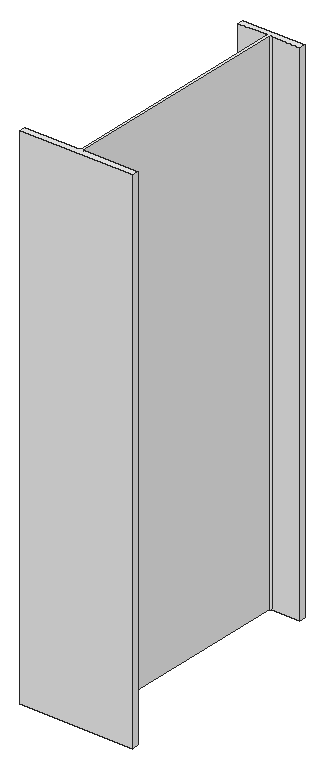
Revit family
Parameters (values of type "WRF1200x309")
  kr = k - (tw / 2)  # 8 mm
  bf_t = 300 mm
  기둥 재료 [instance] = 금속 - 스틸 - 345 MPa
  Assembly Code = ""
  A = 0.0393 m²
  W = 3.03
  bf_b = 550 mm
  d = 1200 mm
  k = 14 mm
  tf = 30 mm
  tw = 12 mm
Reference planes
  plane 1: y = 0
  plane 2: z = 0
  plane 3: x = 0
  plane 4: x = -275
  plane 5: x = 275
  plane 6: y = 600
  plane 7: y = -600
  plane 8: x = -3.969
  plane 9: x = 3.969
  plane 10: x = -150
  plane 11: x = 150
Forms (mm)
  Extrusion 1, solid, material "금속 - 스틸 - 345 MPa" <- "기둥 재료", detail levels medium
    sketch origin (0, 0, 0) x (1, 0, 0) y (0, 1, 0)
      loop
        line (-150, 600) -> (-150, 570) -> (-6, 570) -> (-6, -570) -> (-275, -570) -> (-275, -600) -> (275, -600) -> (275, -570) -> (6, -570) -> (6, 570) -> (150, 570) -> (150, 600) -> (-150, 600)
    from 0 to 2500
  Extrusion 2, solid, material "금속 - 스틸 - 345 MPa" <- "기둥 재료", detail levels fine
    sketch origin (0, 0, 0) x (1, 0, 0) y (0, 1, 0)
      loop
        line (-150, 600) -> (-150, 570) -> (-14, 570)
        arc (-14, 570) -> (-8.343, 567.657) -> (-6, 562) r 8
        line (-6, 562) -> (-6, -562)
        arc (-6, -562) -> (-8.343, -567.657) -> (-14, -570) r 8
        line (-14, -570) -> (-275, -570) -> (-275, -600) -> (275, -600) -> (275, -570) -> (14, -570)
        arc (14, -570) -> (8.343, -567.657) -> (6, -562) r 8
        line (6, -562) -> (6, 562)
        arc (6, 562) -> (8.343, 567.657) -> (14, 570) r 8
        line (14, 570) -> (150, 570) -> (150, 600) -> (-150, 600)
    from 0 to 2500
Lines and regions (mm)
  symbolic lines, style "StructuralColumnStickSymbols", detail levels coarse
    curve 1: line (-150, 600, 0) -> (150, 600, 0)
    curve 2: line (-275, -600, 0) -> (275, -600, 0)
    curve 3: line (0, 600, 0) -> (0, -600, 0)
  symbolic lines, style "숨겨진 면", detail levels medium+fine
    curve 4: line (-3.969, 0, 0) -> (-3.969, 0, 2500)
    curve 5: line (3.969, 0, 2500) -> (3.969, 0, 0)
Dimensions and locks
  equal spacing: plane 4, plane 3, plane 5
  equal spacing: plane 7, plane 1, plane 6
  "d": plane 7 to plane 6
  "bf_b": plane 4 to plane 5
  "tf": plane 7 to Extrusion 1 sketch curve
  "tf": Extrusion 1 sketch curve to plane 6
  equal spacing: Extrusion 1 sketch curve, plane 3, Extrusion 1 sketch curve
  "tw": Extrusion 1 sketch curve to Extrusion 1 sketch curve
  "bf_t": plane 10 to plane 11
  equal spacing: plane 10, plane 3, plane 11
  "kr": radius of Extrusion 2 sketch curve  (x4)
  aligned and locked: plane 6 to Extrusion 1 sketch curve
  aligned and locked: Extrusion 1 sketch curve to plane 7
  aligned and locked: Extrusion 1 sketch curve to plane 4
  aligned and locked: plane 5 to Extrusion 1 sketch curve
  aligned and locked: Extrusion 1 sketch curve to Extrusion 1 sketch curve  (x2)
  aligned and locked: level to Extrusion 1
  aligned and locked: level to plane 2
  aligned and locked: Extrusion 1 to plane 2
  aligned and locked: plane 6 to Extrusion 2 sketch curve
  aligned and locked: Extrusion 2 sketch curve to Extrusion 1  (x6)
  aligned and locked: Extrusion 2 sketch curve to plane 7
  aligned and locked: plane 5 to Extrusion 2 sketch curve
  aligned and locked: Extrusion 2 sketch curve to plane 4
  aligned and locked: level to Extrusion 2
  aligned and locked: Extrusion 2 to level
  aligned and locked: Extrusion 2 sketch curve to plane 10
  aligned and locked: plane 11 to Extrusion 2 sketch curve
  aligned and locked: Extrusion 1 sketch curve to plane 10
  aligned and locked: plane 11 to Extrusion 1 sketch curve
  aligned and locked: plane 10 to curve 1
  aligned and locked: plane 11 to curve 1
Automatic sketch dimensions
  curve 4 to level = 0 mm  (x2)
  curve 4 to plane 8 = 0 mm
  curve 5 to level = 0 mm  (x2)
  curve 5 to plane 9 = 0 mm
  curve 2 to plane 4 = 0 mm
  curve 1 to plane 6 = 0 mm
  curve 3 to plane 3 = 0 mm
  curve 2 to plane 5 = 0 mm
  curve 2 to plane 7 = 0 mm
